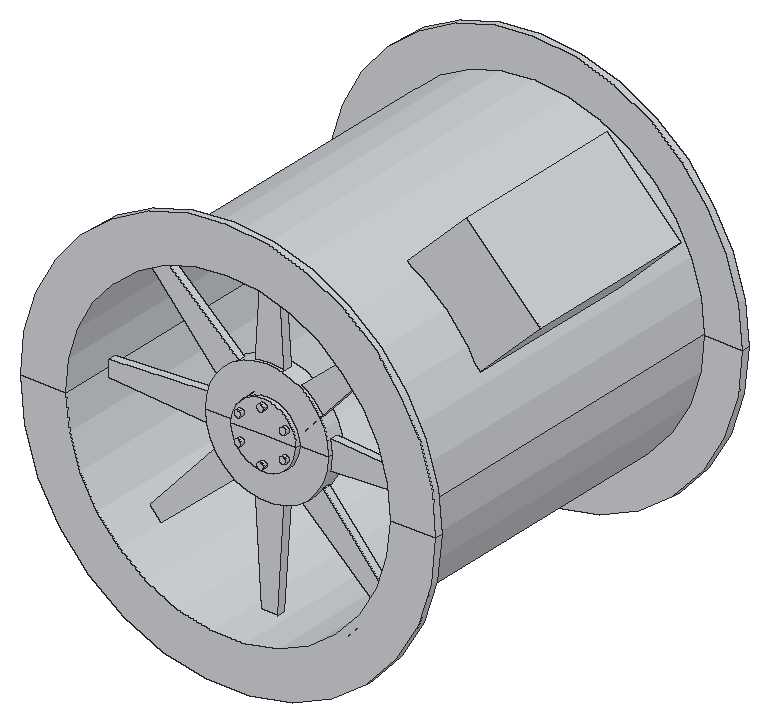
Revit family "CADS_Vent-Axia_MechEquip_Fan_LCA_250_3Ph4P - EXTRACT", category Mechanical Equipment, Revit 2020
Family settings
  Round Connector Dimension = Use Diameter
  Part Type = Normal
  OmniClass Number = 23.75.00.00
  OmniClass Title = Climate Control (HVAC)
  Work Plane-Based = No
  Always vertical = Yes
  Cut with Voids When Loaded = No
  Shared = No
  Room Calculation Point = No
Parameters (values of type "LCA253425")
  nr = NominalDiameter / 2  # 125 mm
  WorkingPressure = 0.0 Pa
  WarrantyStartDate [instance] = "1900-12-31T23:59:59"
  WarrantyPeriod = ""
  WarrantyIdentifier = "N/A"
  WarrantyGuarantorParts = "tech@vent-axia.com"
  WarrantyGuarantorLabor = "tech@vent-axia.com"
  WarrantyGuarantor = "Vent-Axia Limited"
  WarrantyEndDate [instance] = "1900-12-31T23:59:59"
  WarrantyContent = ""
  TemperatureRange = ""
  TagNumber [instance] = "N/A"
  SustainabilityPerformance = ""
  Status = "New"
  Size = ""
  Shape = ""
  ServiceLifeType = ""
  ServiceLifeDuration = ""
  SerialNumber [instance] = "N/A"
  ReplacementCost = ""
  RatedVoltage = 0 V
  RatedCurrent = 0 A
  Quantity = 1
  ProductionYear = ""
  PressureCurve = ""
  PowerFactor = ""
  PointOfContact = ""
  NumberOfPoles = 0
  NominalWidth = 250 mm
  NominalLength = 300 mm
  NominalHeight = 250 mm
  NominalFrequencyRange = ""
  NominalDiameter = 250 mm
  ModelReference = "LCAX 250mm 3PH 4P 25DEG"
  ModelNumber = "LCA253425"
  Material = ""
  ManufacturerE-Mail = "tech@vent-axia.com"
  ManufacturerAddress = "Fleming Way\nCrawley \nRH10 9YX"
  IsExtendedWarranty = no
  InsulationStandardClass = ""
  InstallationDate [instance] = "1900-12-31T23:59:59"
  IfcExportType [instance] = ""
  IfcExportAs = "IfcFanType"
  IP_Code = ""
  HasProtectiveEarth = no
  GrossWeight = 0.00 kg
  Grade = ""
  GlobalTradeItemNumber [instance] = "N/A"
  Fitting Type = "Ignore"
  Finish = ""
  Features = ""
  ExteriorInsulation = no
  ExpectedServiceLife = 0
  Exclusions = ""
  DurationUnit = "Year"
  Default Elevation = 0 mm
  Constituents = ""
  ConductorFunction = ""
  Color = ""
  CodePerformance = ""
  Category = ""
  CADS_Usage = 0
  CADS_Index = 0
  AssetType = "FIXED"
  AssetIdentifier [instance] = "N/A"
  AssemblyPlace = "UNKNOWN"
  ArticleNumber [instance] = "N/A"
  AirflowRateRange = 0.0 L/s
  Air Flow [instance] = 0.0 L/s
  AccessibilityPerformance = ""
Types (5, lengths in mm): name | ModelReference | ModelNumber
  LCA253425 | "LCAX 250mm 3PH 4P 25DEG" | "LCA253425"
  LCA253430 | "LCAX 250mm 3PH 4P 30DEG" | "LCA253430"
  LCA253435 | "LCAX 250mm 3PH 4P 35DEG" | "LCA253435"
  LCA253440 | "LCAX 250mm 3PH 4P 40DEG" | "LCA253440"
  LCA253445 | "LCAX 250mm 3PH 4P 45DEG" | "LCA253445"
Reference planes
  plane 1 "Center (Front/Back)": y = 0
  plane 2: z = 0
  plane 3 "Center (Left/Right)": x = 0
  plane 4: x = -125
  plane 5: x = 125
  plane 6 "F": y = -150
  plane 7 "B": y = 150
  plane 8: x = -160
  plane 9: y = 145
  plane 10: y = -145
  plane 11: x = -130
  plane 12: y = -110
  plane 13 "top": z = 125
  plane 14: z = -125
  plane 15 "45deg": through (0, -1524, 0) normal (-0.7071, 0, -0.7071)
  plane 16 "C": through (0, -1524, 0) normal (-0.7071, 0, 0.7071)
Forms (mm)
  Revolve 1, solid
    sketch origin (0, 0, 0) x (1, 0, 0) y (0, 1, 0)
      loop
        line (-160, -150) -> (-125, -150) -> (-125, 150) -> (-160, 150) -> (-160, 145) -> (-130, 145) -> (-130, -145) -> (-160, -145) -> (-160, -150)
      axis (0, 150) -> (0, -150)
    angle from 0 to 360
  Sweep 2, solid
    path origin (0, 0, 0) x (1, 0, 0) y (0, 0, 1)
      loop
        line (88.388, 88.388) -> (134.35, 134.35)
    profile origin (111.369, 0, 111.369) x (-0.707107, 0, 0.707107) y (0, -1, 0)
      loop
        line (37.5, 55) -> (-42.73, 55) -> (-42.73, -79.5) -> (37.5, -79.5) -> (37.5, 55)
Dimensions and locks
  equal spacing: plane 4, plane 3 "Center (Left/Right)", plane 5
  equal spacing: plane 7 "B", plane 1 "Center (Front/Back)", plane 6 "F"
  "NominalLength": plane 7 "B" to plane 6 "F"
  "NominalDiameter": plane 4 to plane 5
  locked: plane 11 to plane 4 at 5
  locked: plane 8 to plane 11 at 30
  locked: plane 6 "F" to plane 10 at 5
  locked: plane 7 "B" to plane 9 at 5
  locked: plane 6 "F" to plane 12 at 40
  equal spacing: plane 13 "top", level, plane 14
  "NominalDiameter": plane 13 "top" to plane 14
  "nr": Sweep 2 sketch curve to nested 13
  Sweep 2 sketch curve to Sweep 2 sketch curve = 65 mm
  aligned and locked: level to plane 2
  aligned and locked: nested 1 to plane 12
Automatic sketch dimensions
  plane 6 "F" to Revolve 1 sketch curve = 0 mm
  Revolve 1 sketch curve to plane 8 = 0 mm  (x2)
  plane 10 to Revolve 1 sketch curve = 0 mm
  Revolve 1 sketch curve to plane 11 = 0 mm
  Revolve 1 sketch curve to plane 4 = 0 mm
  Revolve 1 sketch curve to plane 3 "Center (Left/Right)" = 0 mm
  plane 1 "Center (Front/Back)" to Revolve 1 sketch curve = 0 mm
  Revolve 1 sketch curve to plane 9 = 0 mm
  Revolve 1 sketch curve to plane 7 "B" = 0 mm
  plane 6 "F" to Revolve 1 sketch curve = 115 mm
  plane 1 "Center (Front/Back)" to Sweep 2 sketch curve = 55 mm
  Sweep 2 sketch curve to profile plane = 37.5 mm
  Sweep 2 sketch curve to Sweep 2 sketch curve = 80.23 mm
  Sweep 2 sketch curve to Sweep 2 sketch curve = 134.5 mm
  Sweep 2 sketch curve to plane 16 "C" = 0 mm  (x2)
Nested families
  nested 1: "Fan for ESC" at (0, -110, 0), ND <- "NominalDiameter", type "Fan for ESC"
    with hub 25 mm, ND 250 mm, BoltPCD 20 mm, Bolt Count 6, B_Diam 5 mm
  nested 2: "Bolts" at (17.321, -119.172, -10) x (-0.5, 0, -0.866) z (0, 1, 0), type "Bolts"
    with bd 5 mm
  nested 3: "Bolts" at (0, -119.172, -20) x (-1, 0, 0) z (0, 1, 0), type "Bolts"
    with bd 5 mm
  nested 4: "Bolts" at (-17.321, -119.172, -10) x (-0.5, 0, 0.866) z (0, 1, 0), type "Bolts"
    with bd 5 mm
  nested 5: "Bolts" at (-17.321, -119.172, 10) x (0.5, 0, 0.866) z (0, 1, 0), type "Bolts"
    with bd 5 mm
  nested 6: "Bolts" at (17.321, -119.172, 10) x (0.5, 0, -0.866) z (0, 1, 0), type "Bolts"
    with bd 5 mm
  nested 7: "Bolts" at (0, -119.172, 20) x (1, 0, 0) z (0, 1, 0), type "Bolts"
    with bd 5 mm
  nested 8: "ESC Blade" at (0, -110, 0), type "ESC Blade"
    with a 20.00°, HR 25 mm, HD 50 mm, BT 12.5 mm, BR 100 mm, BH 40 mm, BD 250 mm, BB 25 mm
  nested 9: "ESC Blade" at (0, -110, 0) x (0.7071, 0, -0.7071) z (0.7071, 0, 0.7071), type "ESC Blade"
    with a 20.00°, HR 25 mm, HD 50 mm, BT 12.5 mm, BR 100 mm, BH 40 mm, BD 250 mm, BB 25 mm
  nested 10: "ESC Blade" at (0, -110, 0) x (0, 0, -1) z (1, 0, 0), type "ESC Blade"
    with a 20.00°, HR 25 mm, HD 50 mm, BT 12.5 mm, BR 100 mm, BH 40 mm, BD 250 mm, BB 25 mm
  nested 11: "ESC Blade" at (0, -110, 0) x (-0.7071, 0, -0.7071) z (0.7071, 0, -0.7071), type "ESC Blade"
    with a 20.00°, HR 25 mm, HD 50 mm, BT 12.5 mm, BR 100 mm, BH 40 mm, BD 250 mm, BB 25 mm
  nested 12: "ESC Blade" at (0, -110, 0) x (-1, 0, 0) z (0, 0, -1), type "ESC Blade"
    with a 20.00°, HR 25 mm, HD 50 mm, BT 12.5 mm, BR 100 mm, BH 40 mm, BD 250 mm, BB 25 mm
  nested 13: "ESC Blade" at (0, -110, 0) x (-0.7071, 0, -0.7071) z (-0.7071, 0, 0.7071), type "ESC Blade"
    with a 20.00°, HR 25 mm, HD 50 mm, BT 12.5 mm, BR 100 mm, BH 40 mm, BD 250 mm, BB 25 mm
  nested 14: "ESC Blade" at (0, -110, 0) x (0, 0, -1) z (-1, 0, 0), type "ESC Blade"
    with a 20.00°, HR 25 mm, HD 50 mm, BT 12.5 mm, BR 100 mm, BH 40 mm, BD 250 mm, BB 25 mm
  nested 15: "ESC Blade" at (0, -110, 0) x (0.7071, 0, -0.7071) z (-0.7071, 0, -0.7071), type "ESC Blade"
    with a 20.00°, HR 25 mm, HD 50 mm, BT 12.5 mm, BR 100 mm, BH 40 mm, BD 250 mm, BB 25 mm
Connectors
  hvac at (0, -150, 0), driven by "NominalDiameter", driven by "Air Flow"
    settings: on Revolve 1, index 1, duct flow 0.0 L/s, flow factor 0, pres drop 0.0 Pa, loss coef 0, conn angle 0.00°, conn width 304.8 mm, conn height 304.8 mm, conn diameter 250 mm, duct sys type 2, conn prof type 0, flow config 0, flow direction 1, loss method 0, conn ref index -1, conn util no, is conn primary yes, conn desc ""
  hvac at (0, 150, 0), driven by "NominalDiameter", driven by "Air Flow"
    settings: on Revolve 1, index 2, duct flow 0.0 L/s, flow factor 0, pres drop 0.0 Pa, loss coef 0, conn angle 0.00°, conn width 304.8 mm, conn height 304.8 mm, conn diameter 250 mm, duct sys type 3, conn prof type 0, flow config 1, flow direction 2, loss method 0, conn ref index -1, conn util no, is conn primary no, conn desc ""
Definition of nested family "Fan for ESC"
  Parameters (values of type "Fan for ESC")
    hub [instance] = ND / 10  # 56.7 mm
    ND [instance] = 567 mm
    Model = "."
    Default Elevation = 0 mm
    BoltPCD [instance] = hub - (hub * 0.2)  # 45.36 mm
    Bolt Count [instance] = if(hub < 50 mm, 6, 8)  # 8
    B_Diam [instance] = if(hub < 50 mm, 5 mm, 10 mm)  # 10 mm
  Reference planes
    plane 1 "Center (Front/Back)": y = 0
    plane 2: z = 0
    plane 3 "Center (Left/Right)": x = 0
    plane 4 "back": y = 20
    plane 5 "bolts": y = -9.172
    plane 6 "B": z = 56.7
    plane 7: x = -79.287
    plane 8: x = -56.7
    plane 9 "hubface": y = -6.172
  Forms (mm)
    Revolve 1, solid
      sketch origin (0, 0, 0) x (1, 0, 0) y (0, 1, 0)
        loop
          line (0, 20) -> (-56.7, 20) -> (-56.7, 10.504) -> (-79.287, 10.504) -> (-79.287, -2.597) -> (-56.7, -2.597) -> (-56.7, -6.172) -> (0, -6.172) -> (0, 20)
        axis (0, 20) -> (0, -6.172)
      angle from 0 to 360
    Extrusion 2, solid, not visible
      sketch origin (0, -6.347, -4) x (-1, 0, 0) y (0, 0, 1)
        loop
          circle (0, 84) r 5
      from 0 to 3
  Lines and regions (mm)
    symbolic lines
      curve 1: circle (0, -9.172, 0) r 45.36 normal (0, 1, 0)
    model lines, not visible
      curve 2: line (0, -6.347, 85) -> (0, -6.347, 75)
  Dimensions and locks
    "hub": plane 6 "B" to plane 2
    "hub": nested 3 to plane 3 "Center (Left/Right)"
    "hub": nested 4 to plane 3 "Center (Left/Right)"
    "hub": nested 5 to plane 3 "Center (Left/Right)"
    "hub": plane 3 "Center (Left/Right)" to nested 6
    "hub": Revolve 1 sketch curve to Revolve 1 sketch curve
    "hub": plane 3 "Center (Left/Right)" to nested 7
    "hub": plane 3 "Center (Left/Right)" to nested 8
    "hub": plane 3 "Center (Left/Right)" to nested 9
    "hub": plane 8 to plane 3 "Center (Left/Right)"
    plane 7 to plane 8 = 22.587 mm
    diameter of Extrusion 2 sketch curve = 10 mm
    "BoltPCD": radius of curve 1
    "BoltPCD": radius of radial array
    aligned and locked: level to plane 2
    aligned and locked: plane 6 "B" to nested 1
  Automatic sketch dimensions
    Revolve 1 sketch curve to plane 7 = 0 mm
    Revolve 1 sketch curve to plane 8 = 0 mm  (x2)
    Revolve 1 sketch curve to plane 3 "Center (Left/Right)" = 0 mm
    Revolve 1 sketch curve to plane 9 "hubface" = 0 mm
    plane 4 "back" to Revolve 1 sketch curve = 0 mm
    plane 1 "Center (Front/Back)" to Revolve 1 sketch curve = 2.597 mm
    plane 4 "back" to Revolve 1 sketch curve = 9.496 mm
    Revolve 1 sketch curve to Revolve 1 sketch curve = 5 mm
    Revolve 1 sketch curve to plane 4 "back" = 45 mm
    curve 1 to level = 0 mm
    curve 1 to plane 3 "Center (Left/Right)" = 0 mm
  Nested families
    nested 1: "ESC Blade" at (0, 0, 0), BD <- "ND", HD <- "hub", type "ESC Blade"
      with a 20.00°, HR 56.7 mm, HD 113.4 mm, BT 28.35 mm, BR 226.8 mm, BH 40 mm, BD 567 mm, BB 56.7 mm
    nested 2: "ESC Blade" at (0, 0, 755), BD <- "ND", HD <- "hub", type "ESC Blade", not visible
      with a 20.00°, HR 56.7 mm, HD 113.4 mm, BT 28.35 mm, BR 226.8 mm, BH 40 mm, BD 567 mm, BB 56.7 mm
    nested 3: "ESC Blade" at (0, 0, 0) x (0.7071, 0, -0.7071) z (0.7071, 0, 0.7071), BD <- "ND", HD <- "hub", type "ESC Blade"
      with a 20.00°, HR 56.7 mm, HD 113.4 mm, BT 28.35 mm, BR 226.8 mm, BH 40 mm, BD 567 mm, BB 56.7 mm
    nested 4: "ESC Blade" at (0, 0, 0) x (0, 0, -1) z (1, 0, 0), BD <- "ND", HD <- "hub", type "ESC Blade"
      with a 20.00°, HR 56.7 mm, HD 113.4 mm, BT 28.35 mm, BR 226.8 mm, BH 40 mm, BD 567 mm, BB 56.7 mm
    nested 5: "ESC Blade" at (0, 0, 0) x (-0.7071, 0, -0.7071) z (0.7071, 0, -0.7071), BD <- "ND", HD <- "hub", type "ESC Blade"
      with a 20.00°, HR 56.7 mm, HD 113.4 mm, BT 28.35 mm, BR 226.8 mm, BH 40 mm, BD 567 mm, BB 56.7 mm
    nested 6: "ESC Blade" at (0, 0, 0) x (-1, 0, 0) z (0, 0, -1), BD <- "ND", HD <- "hub", type "ESC Blade"
      with a 20.00°, HR 56.7 mm, HD 113.4 mm, BT 28.35 mm, BR 226.8 mm, BH 40 mm, BD 567 mm, BB 56.7 mm
    nested 7: "ESC Blade" at (0, 0, 0) x (-0.7071, 0, -0.7071) z (-0.7071, 0, 0.7071), BD <- "ND", HD <- "hub", type "ESC Blade"
      with a 20.00°, HR 56.7 mm, HD 113.4 mm, BT 28.35 mm, BR 226.8 mm, BH 40 mm, BD 567 mm, BB 56.7 mm
    nested 8: "ESC Blade" at (0, 0, 0) x (0, 0, -1) z (-1, 0, 0), BD <- "ND", HD <- "hub", type "ESC Blade"
      with a 20.00°, HR 56.7 mm, HD 113.4 mm, BT 28.35 mm, BR 226.8 mm, BH 40 mm, BD 567 mm, BB 56.7 mm
    nested 9: "ESC Blade" at (0, 0, 0) x (0.7071, 0, -0.7071) z (-0.7071, 0, -0.7071), BD <- "ND", HD <- "hub", type "ESC Blade"
      with a 20.00°, HR 56.7 mm, HD 113.4 mm, BT 28.35 mm, BR 226.8 mm, BH 40 mm, BD 567 mm, BB 56.7 mm
    nested 10: "Bolts" at (0, -9.172, 45.36) x (1, 0, 0) z (0, 1, 0), bd <- "B_Diam", type "Bolts"
      with bd 10 mm
    nested 11: "Bolts" at (32.074, -9.172, 32.074) x (0.7071, 0, -0.7071) z (0, 1, 0), bd <- "B_Diam", type "Bolts"
      with bd 10 mm
    nested 12: "Bolts" at (-32.074, -9.172, 32.074) x (0.7071, 0, 0.7071) z (0, 1, 0), bd <- "B_Diam", type "Bolts"
      with bd 10 mm
    nested 13: "Bolts" at (-45.36, -9.172, 0) x (0, 0, 1) z (0, 1, 0), bd <- "B_Diam", type "Bolts"
      with bd 10 mm
    nested 14: "Bolts" at (-32.074, -9.172, -32.074) x (-0.7071, 0, 0.7071) z (0, 1, 0), bd <- "B_Diam", type "Bolts"
      with bd 10 mm
    nested 15: "Bolts" at (0, -9.172, -45.36) x (-1, 0, 0) z (0, 1, 0), bd <- "B_Diam", type "Bolts"
      with bd 10 mm
    nested 16: "Bolts" at (32.074, -9.172, -32.074) x (-0.7071, 0, -0.7071) z (0, 1, 0), bd <- "B_Diam", type "Bolts"
      with bd 10 mm
    nested 17: "Bolts" at (45.36, -9.172, 0) x (0, 0, -1) z (0, 1, 0), bd <- "B_Diam", type "Bolts"
      with bd 10 mm
  Definition of nested family "ESC Blade"
    Parameters (values of type "ESC Blade")
      a [instance] = 20.00°
      HR [instance] = HD / 2  # 30 mm
      HD [instance] = BD / 5  # 60 mm
      Default Elevation = 1219.2 mm
      BT [instance] = BD / 20  # 15 mm
      BR [instance] = (BD / 2) - HR  # 120 mm
      BH [instance] = 40 mm
      BD [instance] = 300 mm
      BB [instance] = BD / 10  # 30 mm
    Reference planes
      plane 1 "Center (Front/Back)": y = 0
      plane 2: z = 0
      plane 3 "Center (Left/Right)": x = 0
      plane 4 "Blade Bot": z = 30
      plane 5: x = -15
      plane 6: x = 15
      plane 7: x = -7.5
      plane 8: x = 7.5
    Forms (mm)
      Blend 1, solid
        base sketch origin (0, 0, 30) x (-1, 0, 0) y (0, -1, 0)
          loop
            line (15, 0) -> (-15, 0) -> (-15, -6) -> (15, -6) -> (15, 0)
        top sketch origin (0, 0, 30) x (-1, 0, 0) y (0, -1, 0)
          loop
            line (7.5, -6) -> (7.5, 0) -> (-7.5, 0) -> (-7.5, -6) -> (7.5, -6)
        from 0 to 120 <- "BR"
    Dimensions and locks
      "HR": plane 4 "Blade Bot" to level
      equal spacing: plane 8, plane 3 "Center (Left/Right)", plane 7
      "BT": plane 8 to plane 7
      equal spacing: plane 6, plane 3 "Center (Left/Right)", plane 5
      "BB": plane 6 to plane 5
      aligned and locked: level to plane 2
    Automatic sketch dimensions
      plane 1 "Center (Front/Back)" to Blend 1 sketch curve = 0 mm  (x2)
      Blend 1 sketch curve to plane 6 = 0 mm
      Blend 1 sketch curve to plane 5 = 0 mm
      Blend 1 sketch curve to plane 1 "Center (Front/Back)" = 6 mm  (x2)
      Blend 1 sketch curve to plane 8 = 0 mm
      Blend 1 sketch curve to plane 7 = 0 mm
  Definition of nested family "Bolts"
    Parameters
      bd [instance] = 10 mm
      Default Elevation = 1219.2 mm
    Reference planes
      plane 1 "Center (Front/Back)": y = 0
      plane 2: z = 0
      plane 3 "Center (Left/Right)": x = 0
    Forms (mm)
      Extrusion 1, solid
        sketch origin (0, 0, 0) x (1, 0, 0) y (0, 1, 0)
          loop
            line (-1219.2, 1219.2) -> (-1219.2, -1219.2) -> (1219.2, -1219.2) -> (1219.2, 1219.2) -> (-1219.2, 1219.2)
        from 0 to -304.8
      Extrusion 2, solid
        sketch origin (0, 0, 0) x (1, 0, 0) y (0, 1, 0)
          loop
            circle (0, 0) r 5
        from 0 to 3
    Dimensions and locks
      "bd": diameter of Extrusion 2 sketch curve
      aligned and locked: plane 2 to Extrusion 1
      aligned and locked: level to Extrusion 1
    Automatic sketch dimensions
      Extrusion 1 sketch curve to Extrusion 1 sketch curve = 2438.4 mm  (x2)
      plane 1 "Center (Front/Back)" to Extrusion 2 sketch curve = 0 mm
      Extrusion 2 sketch curve to plane 3 "Center (Left/Right)" = 0 mm
Definition of nested family "Bolts"
  Parameters
    bd [instance] = 10 mm
    Default Elevation = 1219.2 mm
  Reference planes
    plane 1 "Center (Front/Back)": y = 0
    plane 2: z = 0
    plane 3 "Center (Left/Right)": x = 0
  Forms (mm)
    Extrusion 1, solid
      sketch origin (0, 0, 0) x (1, 0, 0) y (0, 1, 0)
        loop
          line (-1219.2, 1219.2) -> (-1219.2, -1219.2) -> (1219.2, -1219.2) -> (1219.2, 1219.2) -> (-1219.2, 1219.2)
      from 0 to -304.8
    Extrusion 2, solid
      sketch origin (0, 0, 0) x (1, 0, 0) y (0, 1, 0)
        loop
          circle (0, 0) r 5
      from 0 to 3
  Dimensions and locks
    "bd": diameter of Extrusion 2 sketch curve
    aligned and locked: plane 2 to Extrusion 1
    aligned and locked: level to Extrusion 1
  Automatic sketch dimensions
    Extrusion 1 sketch curve to Extrusion 1 sketch curve = 2438.4 mm  (x2)
    plane 1 "Center (Front/Back)" to Extrusion 2 sketch curve = 0 mm
    Extrusion 2 sketch curve to plane 3 "Center (Left/Right)" = 0 mm
Definition of nested family "ESC Blade"
  Parameters (values of type "ESC Blade")
    a [instance] = 20.00°
    HR [instance] = HD / 2  # 30 mm
    HD [instance] = BD / 5  # 60 mm
    Default Elevation = 1219.2 mm
    BT [instance] = BD / 20  # 15 mm
    BR [instance] = (BD / 2) - HR  # 120 mm
    BH [instance] = 40 mm
    BD [instance] = 300 mm
    BB [instance] = BD / 10  # 30 mm
  Reference planes
    plane 1 "Center (Front/Back)": y = 0
    plane 2: z = 0
    plane 3 "Center (Left/Right)": x = 0
    plane 4 "Blade Bot": z = 30
    plane 5: x = -15
    plane 6: x = 15
    plane 7: x = -7.5
    plane 8: x = 7.5
  Forms (mm)
    Blend 1, solid
      base sketch origin (0, 0, 30) x (-1, 0, 0) y (0, -1, 0)
        loop
          line (15, 0) -> (-15, 0) -> (-15, -6) -> (15, -6) -> (15, 0)
      top sketch origin (0, 0, 30) x (-1, 0, 0) y (0, -1, 0)
        loop
          line (7.5, -6) -> (7.5, 0) -> (-7.5, 0) -> (-7.5, -6) -> (7.5, -6)
      from 0 to 120 <- "BR"
  Dimensions and locks
    "HR": plane 4 "Blade Bot" to level
    equal spacing: plane 8, plane 3 "Center (Left/Right)", plane 7
    "BT": plane 8 to plane 7
    equal spacing: plane 6, plane 3 "Center (Left/Right)", plane 5
    "BB": plane 6 to plane 5
    aligned and locked: level to plane 2
  Automatic sketch dimensions
    plane 1 "Center (Front/Back)" to Blend 1 sketch curve = 0 mm  (x2)
    Blend 1 sketch curve to plane 6 = 0 mm
    Blend 1 sketch curve to plane 5 = 0 mm
    Blend 1 sketch curve to plane 1 "Center (Front/Back)" = 6 mm  (x2)
    Blend 1 sketch curve to plane 8 = 0 mm
    Blend 1 sketch curve to plane 7 = 0 mm
